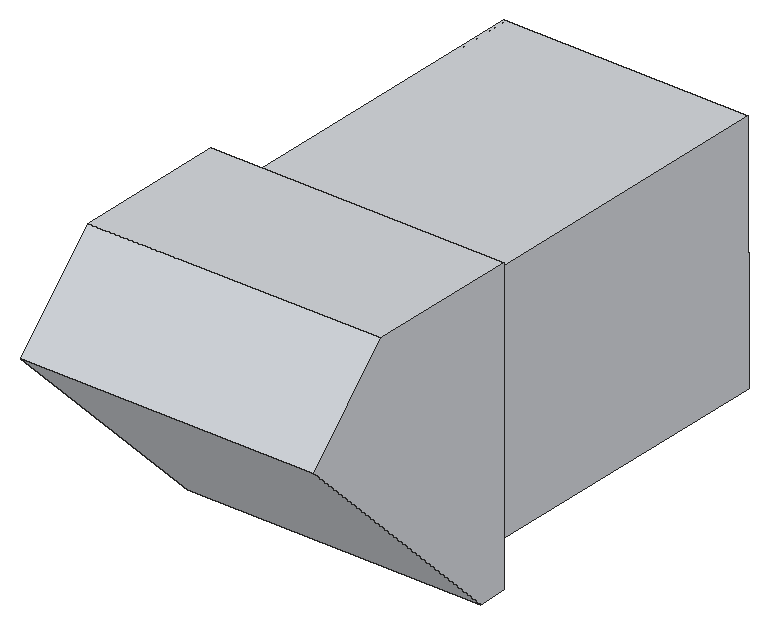
Revit family "XLP_SUPPLY", category Mechanical Equipment, Revit 2019
Family settings
  Round Connector Dimension = Use Diameter
  Part Type = Normal
  Work Plane-Based = No
  Always vertical = Yes
  Cut with Voids When Loaded = No
  Shared = No
  Room Calculation Point = No
Parameters (values of type "20_XLP_SUPPLY")
  WO_PAC/2 = WO_PAC / 2  # 1' - 0 5/8"
  WO_PAC = B_PAC + 0' 0 1/4"  # 2' - 1 1/4"
  WH_C = WH_B + 0' 3"  # 2' - 9"
  WH_B/2 = WH_B / 2  # 1' - 3"
  WH_B = 2' - 6"
  WH_A = 2' - 0 3/8"
  WEATHER_HOOD [instance] = yes
  Unit Weight [instance] = ""
  Sones [instance] = ""
  SIZE/2 = SIZE / 2  # 0' - 11 15/16"
  SIZE = D - 0' 0 1/8"  # 1' - 11 7/8"
  Motor RPM [instance] = ""
  Motor Enclosure [instance] = ""
  ModelID [instance] = ""
  MOTOR = D / 8  # 0' - 3"
  LwA [instance] = ""
  Fan RPM [instance] = ""
  D_PAC/2 = D_PAC / 2 - 0' 3"  # 1' - 2 3/16"
  D_PAC = 2' - 10 3/8"
  D/2 = D / 2  # 1' - 0"
  D = 2' - 0"
  E/2 = E / 2  # 0' - 1"
  E = 0' - 2"
  C_PAC/2 = C_PAC / 2  # 0' - 11"
  C_PAC = 1' - 10"
  C/2 = C / 2  # 0' - 2 5/8"
  C = 0' - 5 1/4"
  B_PAC/2 = B_PAC / 2  # 1' - 0 1/2"
  B_PAC = 2' - 1"
  B/4 = B / 4  # 0' - 4 49/64"
  B/2 = B / 2  # 0' - 9 17/32"
  B-2.5" = B - 0' 2 1/2"  # 1' - 4 9/16"
  B = 1' - 7 1/16"
  Accessories [instance] = ""
  A_PAC/2 = A_PAC / 2  # 1' - 1 3/4"
  A_PAC = 2' - 3 1/2"
  A/7 = A / 7  # 0' - 3.45536"
  A/3.5 = A / 3.5  # 0' - 6.91071"
  A/2 = A / 2  # 1' - 0 3/32"
  A = 2' - 0 3/16"
  90 = 90.00°  # constant formula
  9" = 0' - 9"  # constant formula
  45 = 45.00°
  4'6" = 4' - 6"  # constant formula
  3" = 0' - 3"  # constant formula
  Brake Hp [instance] = ""
  4" = 0' - 4"  # constant formula
  2E = E + E  # 0' - 4"
  2' = 2' - 0"
  2" = 0' - 2"  # constant formula
  135 = 135.00°  # constant formula
  1" = 0' - 1"  # constant formula
  0 = 0' - 0"  # constant formula
  Voltage [instance] = 0 V
  URL = "www.lorencook.com"
  Type Comments = "Low Pressure Wall-Pac Supply Fan Steel Propeller Belt Drive"  # constant formula
  Static Pressure [instance] = 0.00 in-wg
  Power [instance] = Voltage * Motor FLA * sqrt(if(Phase = 3, 3, 1))  # 0 VA
  Phase [instance] = 0
  Number of Poles [instance] = 1
  Motor Hp [instance] = "0"
  Motor FLA [instance] = 0 A
  Model = "XLP-Supply"  # constant formula
  Manufacturer = "Loren Cook Company"
  CFM [instance] = 0 CFM
  1.5 = 0' - 1 1/2"  # constant formula
  1/2 = 0' - 0 1/2"  # constant formula
  ONE EIGTH = 0' - 0 1/8"  # constant formula
  -WH_B/2 = -WH_B / 2  # -1' - 3"
  -D_PAC/2 = -D_PAC / 2 - 0' 3"  # -1' - 8 3/16"
  -D = -E  # -0' - 2"
  -C/2 = -C / 2  # -0' - 2 5/8"
  -B+1" = -B + 0' 2"  # -1' - 5 1/16"
  -B = -B  # -1' - 7 1/16"
  -((SIZE/2)-.25") = -((SIZE / 2) - 0' 0 1/4")  # -0' - 11 11/16"
  -((A/2)-C-.5") = -((A / 2) - C - 0' 0 1/2")  # -0' - 6 11/32"
  (SIZE/2)-.25" = (SIZE / 2) - 0' 0 1/4"  # 0' - 11 11/16"
  (D_SUP/2)-(C/2)-.125" = (D / 2) - (C / 2) - 0' 0 1/8"  # 0' - 9 1/4"
  (A/2)-C-.5" = (A / 2) - C - 0' 0 1/2"  # 0' - 6 11/32"
  (A/2)-1" = (A / 2) - 0' 0 1/4"  # 0' - 11 27/32"
Types (9): name | WO_PAC/2 | WO_PAC | WH_C | WH_B/2 | WH_B | WH_A | SIZE/2 | SIZE | MOTOR | D_PAC/2 | D_PAC | D/2 | D | E/2 | E | C_PAC/2 | C_PAC | C/2 | C | B_PAC/2 | B_PAC | B/4 | B/2 | B-2.5" | B | A_PAC/2 | A_PAC | A/7 | A/3.5 | A/2 | A | 2E | -WH_B/2 | -D_PAC/2 | -D | -C/2 | -B+1" | -B | -((SIZE/2)-.25") | -((A/2)-C-.5") | (SIZE/2)-.25" | (D_SUP/2)-(C/2)-.125" | (A/2)-C-.5" | (A/2)-1"
  (no name) | 1' - 0 5/8" | 2' - 1 1/4" | 2' - 9" | 1' - 3" | 2' - 6" | 2' - 0 3/8" | 0' - 11 15/16" | 1' - 11 7/8" | 0' - 3" | 1' - 2 3/16" | 2' - 10 3/8" | 1' - 0" | 2' - 0" | 0' - 1" | 0' - 2" | 0' - 11" | 1' - 10" | 0' - 2 5/8" | 0' - 5 1/4" | 1' - 0 1/2" | 2' - 1" | 0' - 4 49/64" | 0' - 9 17/32" | 1' - 4 9/16" | 1' - 7 1/16" | 1' - 1 3/4" | 2' - 3 1/2" | 0' - 3.45536" | 0' - 6.91071" | 1' - 0 3/32" | 2' - 0 3/16" | 0' - 4" | -1' - 3" | -1' - 8 3/16" | -0' - 2" | -0' - 2 5/8" | -1' - 5 1/16" | -1' - 7 1/16" | -0' - 11 11/16" | -0' - 6 11/32" | 0' - 11 11/16" | 0' - 9 1/4" | 0' - 6 11/32" | 0' - 11 27/32"
  24_XLP_SUPPLY | 1' - 3 5/8" | 2' - 7 1/4" | 3' - 1" | 1' - 5" | 2' - 10" | 2' - 3 1/8" | 1' - 2 15/16" | 2' - 5 7/8" | 0' - 3 3/4" | 1' - 2 3/16" | 2' - 10 3/8" | 1' - 3" | 2' - 6" | 0' - 1 1/2" | 0' - 3" | 1' - 1 3/4" | 2' - 3 1/2" | 0' - 3 3/8" | 0' - 6 3/4" | 1' - 3 1/2" | 2' - 7" | 0' - 4 49/64" | 0' - 9 17/32" | 1' - 4 9/16" | 1' - 7 1/16" | 1' - 4 3/4" | 2' - 9 1/2" | 0' - 4 5/16" | 0' - 8 5/8" | 1' - 3 3/32" | 2' - 6 3/16" | 0' - 6" | -1' - 5" | -1' - 8 3/16" | -0' - 3" | -0' - 3 3/8" | -1' - 5 1/16" | -1' - 7 1/16" | -1' - 2 11/16" | -0' - 7 27/32" | 1' - 2 11/16" | 0' - 11 1/2" | 0' - 7 27/32" | 1' - 2 27/32"
  30_XLP_SUPPLY | 1' - 6 5/8" | 3' - 1 1/4" | 3' - 7" | 1' - 8" | 3' - 4" | 2' - 7 7/16" | 1' - 5 15/16" | 2' - 11 7/8" | 0' - 4 1/2" | 1' - 4" | 3' - 2" | 1' - 6" | 3' - 0" | 0' - 1 1/2" | 0' - 3" | 1' - 4 3/4" | 2' - 9 1/2" | 0' - 3 3/8" | 0' - 6 3/4" | 1' - 6 1/2" | 3' - 1" | 0' - 4 49/64" | 0' - 9 17/32" | 1' - 4 9/16" | 1' - 7 1/16" | 1' - 7 3/4" | 3' - 3 1/2" | 0' - 5.16964" | 0' - 10.33929" | 1' - 6 3/32" | 3' - 0 3/16" | 0' - 6" | -1' - 8" | -1' - 10" | -0' - 3" | -0' - 3 3/8" | -1' - 5 1/16" | -1' - 7 1/16" | -1' - 5 11/16" | -0' - 10 27/32" | 1' - 5 11/16" | 1' - 2 1/2" | 0' - 10 27/32" | 1' - 5 27/32"
  36_XLP_SUPPLY | 1' - 9 5/8" | 3' - 7 1/4" | 4' - 1" | 1' - 11" | 3' - 10" | 2' - 11 11/16" | 1' - 8 15/16" | 3' - 5 7/8" | 0' - 5 1/4" | 1' - 4 3/4" | 3' - 3 1/2" | 1' - 9" | 3' - 6" | 0' - 1 1/2" | 0' - 3" | 1' - 7 3/4" | 3' - 3 1/2" | 0' - 3 11/16" | 0' - 7 3/8" | 1' - 9 1/2" | 3' - 7" | 0' - 4 49/64" | 0' - 9 17/32" | 1' - 4 9/16" | 1' - 7 1/16" | 1' - 10 3/4" | 3' - 9 1/2" | 0' - 6.02679" | 1' - 0.05357" | 1' - 9 3/32" | 3' - 6 3/16" | 0' - 6" | -1' - 11" | -1' - 10 3/4" | -0' - 3" | -0' - 3 11/16" | -1' - 5 1/16" | -1' - 7 1/16" | -1' - 8 11/16" | -1' - 1 7/32" | 1' - 8 11/16" | 1' - 5 3/16" | 1' - 1 7/32" | 1' - 8 27/32"
  42_XLP_SUPPLY | 2' - 0 21/32" | 4' - 1 5/16" | 4' - 7" | 2' - 2" | 4' - 4" | 3' - 3 15/16" | 1' - 11 15/16" | 3' - 11 7/8" | 0' - 6" | 1' - 5 1/2" | 3' - 5" | 2' - 0" | 4' - 0" | 0' - 1 1/2" | 0' - 3" | 1' - 10 3/4" | 3' - 9 1/2" | 0' - 3 25/32" | 0' - 7 9/16" | 2' - 0 17/32" | 4' - 1 1/16" | 0' - 5 11/64" | 0' - 10 11/32" | 1' - 6 3/16" | 1' - 8 11/16" | 2' - 1 3/4" | 4' - 3 1/2" | 0' - 6.88393" | 1' - 1.76786" | 2' - 0 3/32" | 4' - 0 3/16" | 0' - 6" | -2' - 2" | -1' - 11 1/2" | -0' - 3" | -0' - 3 25/32" | -1' - 6 11/16" | -1' - 8 11/16" | -1' - 11 11/16" | -1' - 4 1/32" | 1' - 11 11/16" | 1' - 8 3/32" | 1' - 4 1/32" | 1' - 11 27/32"
  48_XLP_SUPPLY | 2' - 3 21/32" | 4' - 7 5/16" | 5' - 1" | 2' - 5" | 4' - 10" | 3' - 8 3/16" | 2' - 2 15/16" | 4' - 5 7/8" | 0' - 6 3/4" | 1' - 10 1/2" | 4' - 3" | 2' - 3" | 4' - 6" | 0' - 1 1/2" | 0' - 3" | 2' - 1 3/4" | 4' - 3 1/2" | 0' - 3 15/16" | 0' - 7 7/8" | 2' - 3 17/32" | 4' - 7 1/16" | 0' - 6 37/64" | 1' - 1 5/32" | 1' - 11 13/16" | 2' - 2 5/16" | 2' - 4 3/4" | 4' - 9 1/2" | 0' - 7.74107" | 1' - 3.48214" | 2' - 3 3/32" | 4' - 6 3/16" | 0' - 6" | -2' - 5" | -2' - 4 1/2" | -0' - 3" | -0' - 3 15/16" | -2' - 0 5/16" | -2' - 2 5/16" | -2' - 2 11/16" | -1' - 6 23/32" | 2' - 2 11/16" | 1' - 10 15/16" | 1' - 6 23/32" | 2' - 2 27/32"
  54_XLP_SUPPLY | 2' - 6 11/16" | 5' - 1 3/8" | 5' - 7" | 2' - 8" | 5' - 4" | 4' - 0 7/16" | 2' - 5 15/16" | 4' - 11 7/8" | 0' - 7 1/2" | 1' - 9" | 4' - 0" | 2' - 6" | 5' - 0" | 0' - 1 1/2" | 0' - 3" | 2' - 4 3/4" | 4' - 9 1/2" | 0' - 3 7/8" | 0' - 7 3/4" | 2' - 6 9/16" | 5' - 1 1/8" | 0' - 6 37/64" | 1' - 1 5/32" | 1' - 11 13/16" | 2' - 2 5/16" | 2' - 7 3/4" | 5' - 3 1/2" | 0' - 8.59821" | 1' - 5.19643" | 2' - 6 3/32" | 5' - 0 3/16" | 0' - 6" | -2' - 8" | -2' - 3" | -0' - 3" | -0' - 3 7/8" | -2' - 0 5/16" | -2' - 2 5/16" | -2' - 5 11/16" | -1' - 9 27/32" | 2' - 5 11/16" | 2' - 2" | 1' - 9 27/32" | 2' - 5 27/32"
  60_XLP_SUPPLY | 2' - 9 11/16" | 5' - 7 3/8" | 6' - 1" | 2' - 11" | 5' - 10" | 4' - 4 5/8" | 2' - 8 15/16" | 5' - 5 7/8" | 0' - 8 1/4" | 1' - 9" | 4' - 0" | 2' - 9" | 5' - 6" | 0' - 1 1/2" | 0' - 3" | 2' - 7 3/4" | 5' - 3 1/2" | 0' - 3 15/16" | 0' - 7 7/8" | 2' - 9 9/16" | 5' - 7 1/8" | 0' - 6 37/64" | 1' - 1 5/32" | 1' - 11 13/16" | 2' - 2 5/16" | 2' - 10 3/4" | 5' - 9 1/2" | 0' - 9.45536" | 1' - 6.91071" | 2' - 9 3/32" | 5' - 6 3/16" | 0' - 6" | -2' - 11" | -2' - 3" | -0' - 3" | -0' - 3 15/16" | -2' - 0 5/16" | -2' - 2 5/16" | -2' - 8 11/16" | -2' - 0 23/32" | 2' - 8 11/16" | 2' - 4 15/16" | 2' - 0 23/32" | 2' - 8 27/32"
  20_XLP_SUPPLY | 1' - 0 5/8" | 2' - 1 1/4" | 2' - 9" | 1' - 3" | 2' - 6" | 2' - 0 3/8" | 0' - 11 15/16" | 1' - 11 7/8" | 0' - 3" | 1' - 2 3/16" | 2' - 10 3/8" | 1' - 0" | 2' - 0" | 0' - 1" | 0' - 2" | 0' - 11" | 1' - 10" | 0' - 2 5/8" | 0' - 5 1/4" | 1' - 0 1/2" | 2' - 1" | 0' - 4 49/64" | 0' - 9 17/32" | 1' - 4 9/16" | 1' - 7 1/16" | 1' - 1 3/4" | 2' - 3 1/2" | 0' - 3.45536" | 0' - 6.91071" | 1' - 0 3/32" | 2' - 0 3/16" | 0' - 4" | -1' - 3" | -1' - 8 3/16" | -0' - 2" | -0' - 2 5/8" | -1' - 5 1/16" | -1' - 7 1/16" | -0' - 11 11/16" | -0' - 6 11/32" | 0' - 11 11/16" | 0' - 9 1/4" | 0' - 6 11/32" | 0' - 11 27/32"
Reference planes (in)
  plane 1 "Center (Front/Back)": y = 0
  plane 2: z = 0
  plane 3 "Center (Left/Right)": x = 0.40541
Forms (in)
  Revolve 1, solid
    sketch origin (0.40541, 0, 0) x (0, 1, 0) y (0, 0, 1)
      loop
        line (-3.625, 2.625) -> (-3.625, 0) -> (-2.625, 0) -> (-2.625, 2.625) -> (-3.625, 2.625)
      axis (-3.625, 0) -> (-2.625, 0)
    angle from 0 to 360
  Extrusion 2, solid
    sketch origin (0.40541, 0, 0) x (0, 1, 0) y (0, 0, 1)
      loop
        line (0, -2.625) -> (-5.25, 2.625) -> (-5.33839, 2.53661) -> (-0.08839, -2.71339) -> (0, -2.625)
    from 48 to 2.625 <- "C/2"
  Extrusion 3, solid
    sketch origin (0.40541, 0, 0) x (0, 1, 0) y (-1, 0, 0)
      loop
        line (0, -2.625) -> (-5.25, 2.625) -> (-5.33839, 2.53661) -> (-0.08839, -2.71339) -> (0, -2.625)
    from 48 to 2.625 <- "C/2"
  Extrusion 4, solid
    sketch origin (0.40541, 0, 0) x (0, 1, 0) y (0, 0, -1)
      loop
        line (0, -2.625) -> (-5.25, 2.625) -> (-5.33839, 2.53661) -> (-0.08839, -2.71339) -> (0, -2.625)
    from 48 to 2.625 <- "C/2"
  Extrusion 5, solid
    sketch origin (0.40541, 0, 0) x (1, 0, 0) y (0, 1, 0)
      loop
        line (-2.625, 0) -> (-2.71339, -0.08839) -> (2.53661, -5.33839) -> (2.625, -5.25) -> (-2.625, 0)
    from -48 to -2.625 <- "-C/2"
  Extrusion 6, void
    sketch origin (0, 0, 0) x (1, 0, 0) y (0, 0, 1)
      loop
        circle (0.40541, 0) r 9.25
      loop
        circle (0.40541, 0) r 54
    from 0 to 10
  Extrusion 7, solid
    sketch origin (0, 0, 0) x (1, 0, 0) y (0, 0, 1)
      loop
        line (-11.68834, 12.09375) -> (-11.68834, -12.09375) -> (12.49916, -12.09375) -> (12.49916, 12.09375) -> (-11.68834, 12.09375)
      loop
        circle (0.40541, 0) r 12
    from 0 to -0.125
  Extrusion 8, solid
    sketch origin (0, 0, 0) x (1, 0, 0) y (0, 0, 1)
      loop
        line (-11.68834, 12.09375) -> (-11.68834, -12.09375) -> (12.49916, -12.09375) -> (12.49916, 12.09375) -> (-11.68834, 12.09375)
      loop
        line (12.37416, -11.96875) -> (12.37416, 11.96875) -> (-11.56334, 11.96875) -> (-11.56334, -11.96875) -> (12.37416, -11.96875)
    from 0 to -2 <- "-D"
  Extrusion 9, solid
    sketch origin (0, 0, 0) x (1, 0, 0) y (0, 0, 1)
      loop
        circle (0.40541, 0) r 1
    from 2 to -19.0625 <- "-B"
  Revolve 10, solid
    sketch origin (0.40541, 0, 0) x (0, 1, 0) y (0, 0, 1)
      loop
        arc (-0.125, 12) -> (-2.75, 9.375) -> (-5.375, 12) r 2.625
        line (-5.375, 12) -> (-5.5, 12)
        arc (-5.5, 12) -> (-2.75, 9.25) -> (0, 12) r 2.75
        line (0, 12) -> (-0.125, 12)
      axis (-5.5, 0) -> (0, 0)
    angle from 0 to 360
  Extrusion 11, solid
    sketch origin (0, 0.125, 0) x (-1, 0, 0) y (0, 0, 1)
      loop
        line (-12.24916, -6.1869) -> (5.78148, 11.84375) -> (4.36727, 11.84375) -> (-12.24916, -4.77268) -> (-12.24916, -6.1869)
    from 0 to 4 <- "2E"
  Extrusion 12, solid
    sketch origin (0, 0.125, 0) x (-1, 0, 0) y (0, 0, 1)
      loop
        line (-5.35516, 0.70711) -> (7.1957, -11.84375) -> (8.60991, -11.84375) -> (-4.64805, 1.41421) -> (-5.35516, 0.70711)
    from 0 to 16.5625 <- "B-2.5""
  Extrusion 13, solid
    sketch origin (0, 0.125, 0) x (-1, 0, 0) y (0, 0, 1)
      loop
        circle (5.56334, -4.55454) r 3
    from 0 to 16.5625 <- "B-2.5""
  Extrusion 14, solid
    sketch origin (0, 16.6875, 0) x (-1, 0, 0) y (0, 0, 1)
      loop
        circle (5.56334, -4.55454) r 0.5
    from 0 to 2.5
  Extrusion 15, solid
    sketch origin (0, 16.6875, 0) x (-1, 0, 0) y (0, 0, 1)
      loop
        circle (-0.40541, 0) r 1
      loop
        line (-3.94095, 0.70711) -> (0.30169, -3.53553) -> (1.0088, -2.82843) -> (0.11223, -1.93185)
        arc (0.11223, -1.93185) -> (1.0088, 1.41421) -> (-2.33726, 0.51764) r 2
        line (-2.33726, 0.51764) -> (-3.23384, 1.41421) -> (-3.94095, 0.70711)
    from -2.5 to -1
  Extrusion 16, solid
    sketch origin (0, 0.125, 0) x (1, 0, 0) y (0, 0, 1)
      loop
        circle (0.40541, 0) r 1
      loop
        arc (2.33726, 0.51764) -> (-1.0088, 1.41421) -> (-0.11223, -1.93185) r 2
        line (-0.11223, -1.93185) -> (-1.0088, -2.82843) -> (-0.30169, -3.53553) -> (3.94095, 0.70711) -> (3.23384, 1.41421) -> (2.33726, 0.51764)
    from -2.5 to -1
  Extrusion 17, void
    sketch origin (4.64805, 0.125, 1.41421) x (0.707107, 0, 0.707107) y (0, -1, 0)
      loop
        line (-18.74959, -16.5625) -> (-15.74959, -16.5625) -> (-18.74959, -13.5625) -> (-18.74959, -16.5625)
    from 0 to 12
  Extrusion 18, solid
    sketch origin (0, 0, 0) x (1, 0, 0) y (0, 0, 1)
      loop
        line (-12.09459, 12.5) -> (-12.09459, -12.5) -> (12.90541, -12.5) -> (12.90541, 12.5) -> (-12.09459, 12.5)
      loop
        line (12.78041, -12.375) -> (12.78041, 12.375) -> (-11.96959, 12.375) -> (-11.96959, -12.375) -> (12.78041, -12.375)
    from -20.1875 <- "-D_PAC/2" to 14.1875 <- "D_PAC/2"
  Extrusion 19, solid
    sketch origin (0, -14.1875, 0) x (1, 0, 0) y (0, 0, 1)
      loop
        line (-10.59459, 11) -> (-10.59459, -11) -> (11.40541, -11) -> (11.40541, 11) -> (-10.59459, 11)
      loop
        line (14.15541, -13.75) -> (14.15541, 13.75) -> (-13.34459, 13.75) -> (-13.34459, -13.75) -> (14.15541, -13.75)
    from 0 to 0.125
  Extrusion 20, solid
    sketch origin (0, -14.3125, 0) x (1, 0, 0) y (0, 0, 1)
      loop
        line (9.90541, 9.5) -> (-9.09459, 9.5) -> (-9.09459, -9.5) -> (9.90541, -9.5) -> (9.90541, 9.5)
      loop
        line (-10.59459, -11) -> (11.40541, -11) -> (11.40541, 11) -> (-10.59459, 11) -> (-10.59459, -11)
    from 0 to 2
  Extrusion 21, solid, visible <- "WEATHER_HOOD"
    sketch origin (0.40541, 0, 0) x (0, 1, 0) y (0, 0, 1)
      loop
        line (-14.1875, 15) -> (-29.9375, 15) -> (-38.5625, 6.375) -> (-17.1875, -15) -> (-14.1875, -15) -> (-14.1875, 15)
    from 15 <- "WH_B/2" to -15 <- "-WH_B/2"
Cuts and joins
  Extrusion 6 cuts Revolve 1
  Extrusion 6 cuts Extrusion 2
  Extrusion 6 cuts Extrusion 3
  Extrusion 6 cuts Extrusion 4
  Extrusion 6 cuts Extrusion 5
  Extrusion 17 cuts Extrusion 12
Dimensions and locks (in)
  "0": Revolve 1 sketch curve to level  (x2)
  "C/2": Revolve 1 sketch curve to level
  "C/2": plane 1 "Center (Front/Back)" to Revolve 1 sketch curve
  "1"": Revolve 1 sketch curve to Revolve 1 sketch curve
  "0": Extrusion 2 sketch curve to plane 1 "Center (Front/Back)"
  "C": plane 1 "Center (Front/Back)" to Extrusion 2 sketch curve
  "C/2": Extrusion 2 sketch curve to level
  "C/2": level to Extrusion 2 sketch curve
  "ONE EIGTH": Extrusion 2 sketch curve to Extrusion 2 sketch curve
  "ONE EIGTH": Extrusion 3 sketch curve to Extrusion 3 sketch curve
  "ONE EIGTH": Extrusion 4 sketch curve to Extrusion 4 sketch curve
  "ONE EIGTH": Extrusion 5 sketch curve to Extrusion 5 sketch curve
  Extrusion 6 sketch curve to plane 3 "Center (Left/Right)" = 0' - 0"  (x2)
  level to Extrusion 6 sketch curve = 0' - 0"
  Extrusion 6 sketch curve to level = 0' - 0"
  "0": Extrusion 3 sketch curve to plane 1 "Center (Front/Back)"
  "C": Extrusion 3 sketch curve to plane 1 "Center (Front/Back)"
  "C/2": plane 3 "Center (Left/Right)" to Extrusion 3 sketch curve
  "C/2": Extrusion 3 sketch curve to plane 3 "Center (Left/Right)"
  "C": plane 1 "Center (Front/Back)" to Extrusion 4 sketch curve
  "0": Extrusion 4 sketch curve to plane 1 "Center (Front/Back)"
  "C/2": level to Extrusion 4 sketch curve
  "C/2": Extrusion 4 sketch curve to level
  "0": Extrusion 5 sketch curve to plane 1 "Center (Front/Back)"
  "C": Extrusion 5 sketch curve to plane 1 "Center (Front/Back)"
  "C/2": plane 3 "Center (Left/Right)" to Extrusion 5 sketch curve
  "C/2": Extrusion 5 sketch curve to plane 3 "Center (Left/Right)"
  "A/2": plane 3 "Center (Left/Right)" to Extrusion 7 sketch curve
  "A/2": Extrusion 7 sketch curve to plane 3 "Center (Left/Right)"
  "A/2": Extrusion 7 sketch curve to level
  "A/2": level to Extrusion 7 sketch curve
  "0": Extrusion 7 sketch curve to level
  "0": Extrusion 7 sketch curve to plane 3 "Center (Left/Right)"
  "ONE EIGTH": Extrusion 8 sketch curve to Extrusion 8 sketch curve  (x4)
  "A/2": plane 3 "Center (Left/Right)" to Extrusion 8 sketch curve  (x2)
  "A/2": level to Extrusion 8 sketch curve
  "A/2": Extrusion 8 sketch curve to level
  "0": Extrusion 9 sketch curve to level
  "0": Extrusion 9 sketch curve to plane 3 "Center (Left/Right)"
  "0": Revolve 10 sketch curve to level
  "D/2": Revolve 10 sketch curve to level  (x2)
  "C": Revolve 10 sketch curve to Revolve 10 sketch curve
  "ONE EIGTH": plane 1 "Center (Front/Back)" to Revolve 10 sketch curve
  "ONE EIGTH": Revolve 10 sketch curve to Revolve 10 sketch curve  (x2)
  "0": Revolve 10 sketch curve to Revolve 10 sketch curve
  "3"": Extrusion 9 to Extrusion 11 sketch curve
  "1"": Extrusion 11 sketch curve to Extrusion 11 sketch curve
  "ONE EIGTH": Extrusion 11 sketch curve to Extrusion 8
  "ONE EIGTH": Extrusion 8 to Extrusion 11 sketch curve
  "ONE EIGTH": Extrusion 8 to Extrusion 12 sketch curve
  "0": Extrusion 12 sketch curve to Extrusion 11
  "1"": Extrusion 12 sketch curve to Extrusion 12 sketch curve
  "1"": Extrusion 12 sketch curve to Extrusion 9
  "0": Extrusion 13 sketch curve to Extrusion 12
  "3"": Extrusion 13 sketch curve to Extrusion 8
  "MOTOR": Extrusion 14 sketch curve to Extrusion 12
  "MOTOR": Extrusion 14 sketch curve to Extrusion 13
  "0": Extrusion 15 sketch curve to plane 3 "Center (Left/Right)"
  "0": Extrusion 15 sketch curve to level
  "0": Extrusion 12 to Extrusion 15 sketch curve
  "1"": Extrusion 15 sketch curve to Extrusion 15 sketch curve  (x2)
  "3"": plane 3 "Center (Left/Right)" to Extrusion 15 sketch curve  (x2)
  "0": Extrusion 16 sketch curve to plane 3 "Center (Left/Right)"  (x2)
  "0": Extrusion 16 sketch curve to level  (x2)
  "3"": plane 3 "Center (Left/Right)" to Extrusion 16 sketch curve  (x2)
  "0": Extrusion 16 sketch curve to Extrusion 12
  "1"": Extrusion 16 sketch curve to Extrusion 16 sketch curve  (x2)
  "0": plane 3 "Center (Left/Right)" to Extrusion 15 sketch curve
  "0": level to Extrusion 15 sketch curve
  "0": Extrusion 17 sketch curve to Extrusion 12  (x2)
  "MOTOR": Extrusion 17 sketch curve to Extrusion 17 sketch curve  (x2)
  "ONE EIGTH": Extrusion 18 sketch curve to Extrusion 18 sketch curve  (x4)
  "B_PAC/2": plane 3 "Center (Left/Right)" to Extrusion 18 sketch curve  (x2)
  "B_PAC/2": level to Extrusion 18 sketch curve
  "B_PAC/2": Extrusion 18 sketch curve to level
  "A_PAC/2": plane 3 "Center (Left/Right)" to Extrusion 19 sketch curve  (x2)
  "C_PAC/2": Extrusion 19 sketch curve to level
  "A_PAC/2": Extrusion 19 sketch curve to level
  "A_PAC/2": level to Extrusion 19 sketch curve
  "C_PAC/2": level to Extrusion 19 sketch curve
  "C_PAC/2": plane 3 "Center (Left/Right)" to Extrusion 19 sketch curve  (x2)
  "1.5": Extrusion 20 sketch curve to Extrusion 20 sketch curve  (x4)
  "C_PAC/2": Extrusion 20 sketch curve to level
  "C_PAC/2": level to Extrusion 20 sketch curve
  "C_PAC/2": plane 3 "Center (Left/Right)" to Extrusion 20 sketch curve  (x2)
  "0": Extrusion 19 to Extrusion 21 sketch curve
  "WH_B/2": Extrusion 21 sketch curve to level
  "WH_B/2": level to Extrusion 21 sketch curve
  "3"": Extrusion 21 sketch curve to Extrusion 21 sketch curve
  "WH_A": Extrusion 21 sketch curve to Extrusion 21 sketch curve
  "(D_SUP/2)-(C/2)-.125"": radius of Extrusion 6 sketch curve
  "D/2": radius of Extrusion 7 sketch curve
  "1"": radius of Extrusion 9 sketch curve
  "4'6"": radius of Extrusion 6 sketch curve
  "MOTOR": radius of Extrusion 13 sketch curve
  "1/2": radius of Extrusion 14 sketch curve
  "1"": radius of Extrusion 15 sketch curve
  "2"": radius of Extrusion 16 sketch curve
  "1"": radius of Extrusion 16 sketch curve
  "2"": radius of Extrusion 15 sketch curve
  "45": angle Extrusion 11 sketch curve to plane 3 "Center (Left/Right)"
  "45": angle Extrusion 12 sketch curve to Extrusion 8
  "135": angle Extrusion 21 sketch curve to Extrusion 21 sketch curve
  "90": angle Extrusion 21 sketch curve to Extrusion 21 sketch curve
Automatic sketch dimensions
  Revolve 1 sketch curve to plane 1 "Center (Front/Back)" = 0' - 0"
  Revolve 1 sketch curve to Revolve 1 sketch curve = 2' - 2"
  plane 1 "Center (Front/Back)" to Revolve 10 sketch curve = 0' - 3 1/4"
  Revolve 10 sketch curve to Revolve 10 sketch curve = 0' - 1.44822"
Connectors (in)
  hvac at (0.40541, -16.3125, 0), driven by "CFM", driven by "C_PAC", driven by "C_PAC"
    settings: on Extrusion 20, index 1, duct flow 0 CFM, flow factor 0, pres drop 0.00 in-wg, loss coef 0, conn angle 0.00°, conn width 22", conn height 22", conn diameter 24", duct sys type 1, conn prof type 1, flow config 0, flow direction 1, loss method 0, conn ref index -1, conn util no, is conn primary yes, conn desc ""
  hvac at (0.40541, 20.1875, 0), driven by "WO_PAC", driven by "WO_PAC", driven by "CFM"
    settings: on Extrusion 18, index 2, duct flow 0 CFM, flow factor 0, pres drop 0.00 in-wg, loss coef 0, conn angle 0.00°, conn width 25 1/4", conn height 25 1/4", conn diameter 24", duct sys type 1, conn prof type 1, flow config 0, flow direction 2, loss method 0, conn ref index -1, conn util no, is conn primary no, conn desc ""
  electrical at (-5.56334, 0.125, -4.55454)
    settings: on Extrusion 13, index 3, voltage 0 V, apparent load 0 VA, apparent load phase1 0 VA, apparent load phase2 0 VA, apparent load phase3 0 VA, power factor 1, load classification "Other", number of poles 1, system type 30, power factor state 1, is connector primary yes, connector utility no, sub classification motor no, connector description ""
